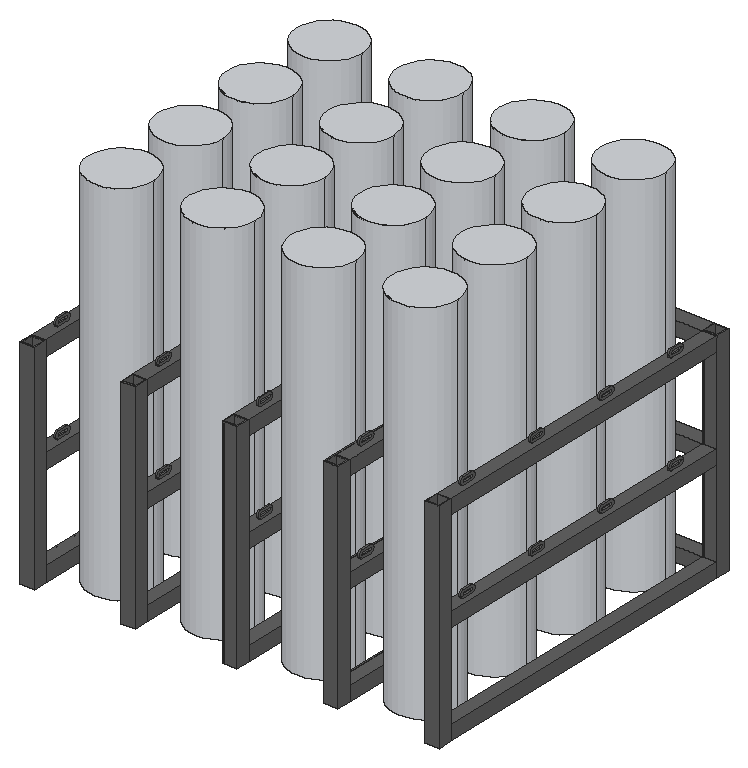
Revit family "4x4-cylinder-rack-BR4X4FS-USAsafety", category Generic Models, Revit 2014 (continued)
Lines and regions (in)
  model lines
    curve 18: spline (29.125, -20, 16.78) -> (29.35926, -21, 16.51205) -> (30.04608, -21.93185, 16.26236) -> (31.13864, -22.73205, 16.04795) -> (32.5625, -23.34607, 15.88342) -> (34.22062, -23.73205, 15.78) -> (36, -23.8637, 15.74472) -> (37.77938, -23.73205, 15.78) -> (39.4375, -23.34607, 15.88342) -> (40.86136, -22.73205, 16.04795) -> (41.95392, -21.93185, 16.26236) -> (42.64074, -21, 16.51205) -> (42.875, -20, 16.78)
    curve 19: spline (29.125, -8, 30.78) -> (29.35926, -9, 30.51205) -> (30.04608, -9.93185, 30.26236) -> (31.13864, -10.73205, 30.04795) -> (32.5625, -11.34607, 29.88342) -> (34.22062, -11.73205, 29.78) -> (36, -11.8637, 29.74472) -> (37.77938, -11.73205, 29.78) -> (39.4375, -11.34607, 29.88342) -> (40.86136, -10.73205, 30.04795) -> (41.95392, -9.93185, 30.26236) -> (42.64074, -9, 30.51205) -> (42.875, -8, 30.78)
    curve 20: spline (29.125, -8, 16.78) -> (29.35926, -9, 16.51205) -> (30.04608, -9.93185, 16.26236) -> (31.13864, -10.73205, 16.04795) -> (32.5625, -11.34607, 15.88342) -> (34.22062, -11.73205, 15.78) -> (36, -11.8637, 15.74472) -> (37.77938, -11.73205, 15.78) -> (39.4375, -11.34607, 15.88342) -> (40.86136, -10.73205, 16.04795) -> (41.95392, -9.93185, 16.26236) -> (42.64074, -9, 16.51205) -> (42.875, -8, 16.78)
    curve 21: spline (29.125, -32, 30.78) -> (29.35926, -33, 30.51205) -> (30.04608, -33.93185, 30.26236) -> (31.13864, -34.73205, 30.04795) -> (32.5625, -35.34607, 29.88342) -> (34.22062, -35.73205, 29.78) -> (36, -35.8637, 29.74472) -> (37.77938, -35.73205, 29.78) -> (39.4375, -35.34607, 29.88342) -> (40.86136, -34.73205, 30.04795) -> (41.95392, -33.93185, 30.26236) -> (42.64074, -33, 30.51205) -> (42.875, -32, 30.78)
    curve 22: spline (29.125, -32, 16.78) -> (29.35926, -33, 16.51205) -> (30.04608, -33.93185, 16.26236) -> (31.13864, -34.73205, 16.04795) -> (32.5625, -35.34607, 15.88342) -> (34.22062, -35.73205, 15.78) -> (36, -35.8637, 15.74472) -> (37.77938, -35.73205, 15.78) -> (39.4375, -35.34607, 15.88342) -> (40.86136, -34.73205, 16.04795) -> (41.95392, -33.93185, 16.26236) -> (42.64074, -33, 16.51205) -> (42.875, -32, 16.78)
    curve 23: spline (29.125, -44, 30.78) -> (29.35926, -45, 30.51205) -> (30.04608, -45.93185, 30.26236) -> (31.13864, -46.73205, 30.04795) -> (32.5625, -47.34607, 29.88342) -> (34.22062, -47.73205, 29.78) -> (36, -47.8637, 29.74472) -> (37.77938, -47.73205, 29.78) -> (39.4375, -47.34607, 29.88342) -> (40.86136, -46.73205, 30.04795) -> (41.95392, -45.93185, 30.26236) -> (42.64074, -45, 30.51205) -> (42.875, -44, 30.78)
    curve 24: spline (29.125, -44, 16.78) -> (29.35926, -45, 16.51205) -> (30.04608, -45.93185, 16.26236) -> (31.13864, -46.73205, 16.04795) -> (32.5625, -47.34607, 15.88342) -> (34.22062, -47.73205, 15.78) -> (36, -47.8637, 15.74472) -> (37.77938, -47.73205, 15.78) -> (39.4375, -47.34607, 15.88342) -> (40.86136, -46.73205, 16.04795) -> (41.95392, -45.93185, 16.26236) -> (42.64074, -45, 16.51205) -> (42.875, -44, 16.78)
    curve 25: spline (43.125, -20, 30.78) -> (43.35926, -21, 30.51205) -> (44.04608, -21.93185, 30.26236) -> (45.13864, -22.73205, 30.04795) -> (46.5625, -23.34607, 29.88342) -> (48.22062, -23.73205, 29.78) -> (50, -23.8637, 29.74472) -> (51.77938, -23.73205, 29.78) -> (53.4375, -23.34607, 29.88342) -> (54.86136, -22.73205, 30.04795) -> (55.95392, -21.93185, 30.26236) -> (56.64074, -21, 30.51205) -> (56.875, -20, 30.78)
    curve 26: spline (43.125, -20, 16.78) -> (43.35926, -21, 16.51205) -> (44.04608, -21.93185, 16.26236) -> (45.13864, -22.73205, 16.04795) -> (46.5625, -23.34607, 15.88342) -> (48.22062, -23.73205, 15.78) -> (50, -23.8637, 15.74472) -> (51.77938, -23.73205, 15.78) -> (53.4375, -23.34607, 15.88342) -> (54.86136, -22.73205, 16.04795) -> (55.95392, -21.93185, 16.26236) -> (56.64074, -21, 16.51205) -> (56.875, -20, 16.78)
    curve 27: spline (43.125, -8, 30.78) -> (43.35926, -9, 30.51205) -> (44.04608, -9.93185, 30.26236) -> (45.13864, -10.73205, 30.04795) -> (46.5625, -11.34607, 29.88342) -> (48.22062, -11.73205, 29.78) -> (50, -11.8637, 29.74472) -> (51.77938, -11.73205, 29.78) -> (53.4375, -11.34607, 29.88342) -> (54.86136, -10.73205, 30.04795) -> (55.95392, -9.93185, 30.26236) -> (56.64074, -9, 30.51205) -> (56.875, -8, 30.78)
    curve 28: spline (43.125, -8, 16.78) -> (43.35926, -9, 16.51205) -> (44.04608, -9.93185, 16.26236) -> (45.13864, -10.73205, 16.04795) -> (46.5625, -11.34607, 15.88342) -> (48.22062, -11.73205, 15.78) -> (50, -11.8637, 15.74472) -> (51.77938, -11.73205, 15.78) -> (53.4375, -11.34607, 15.88342) -> (54.86136, -10.73205, 16.04795) -> (55.95392, -9.93185, 16.26236) -> (56.64074, -9, 16.51205) -> (56.875, -8, 16.78)
    curve 29: spline (43.125, -32, 30.78) -> (43.35926, -33, 30.51205) -> (44.04608, -33.93185, 30.26236) -> (45.13864, -34.73205, 30.04795) -> (46.5625, -35.34607, 29.88342) -> (48.22062, -35.73205, 29.78) -> (50, -35.8637, 29.74472) -> (51.77938, -35.73205, 29.78) -> (53.4375, -35.34607, 29.88342) -> (54.86136, -34.73205, 30.04795) -> (55.95392, -33.93185, 30.26236) -> (56.64074, -33, 30.51205) -> (56.875, -32, 30.78)
    curve 30: spline (43.125, -32, 16.78) -> (43.35926, -33, 16.51205) -> (44.04608, -33.93185, 16.26236) -> (45.13864, -34.73205, 16.04795) -> (46.5625, -35.34607, 15.88342) -> (48.22062, -35.73205, 15.78) -> (50, -35.8637, 15.74472) -> (51.77938, -35.73205, 15.78) -> (53.4375, -35.34607, 15.88342) -> (54.86136, -34.73205, 16.04795) -> (55.95392, -33.93185, 16.26236) -> (56.64074, -33, 16.51205) -> (56.875, -32, 16.78)
    curve 31: spline (43.125, -44, 30.78) -> (43.35926, -45, 30.51205) -> (44.04608, -45.93185, 30.26236) -> (45.13864, -46.73205, 30.04795) -> (46.5625, -47.34607, 29.88342) -> (48.22062, -47.73205, 29.78) -> (50, -47.8637, 29.74472) -> (51.77938, -47.73205, 29.78) -> (53.4375, -47.34607, 29.88342) -> (54.86136, -46.73205, 30.04795) -> (55.95392, -45.93185, 30.26236) -> (56.64074, -45, 30.51205) -> (56.875, -44, 30.78)
    curve 32: spline (43.125, -44, 16.78) -> (43.35926, -45, 16.51205) -> (44.04608, -45.93185, 16.26236) -> (45.13864, -46.73205, 16.04795) -> (46.5625, -47.34607, 15.88342) -> (48.22062, -47.73205, 15.78) -> (50, -47.8637, 15.74472) -> (51.77938, -47.73205, 15.78) -> (53.4375, -47.34607, 15.88342) -> (54.86136, -46.73205, 16.04795) -> (55.95392, -45.93185, 16.26236) -> (56.64074, -45, 16.51205) -> (56.875, -44, 16.78)
Dimensions and locks (in)
  aligned and locked: plane 2 to level
